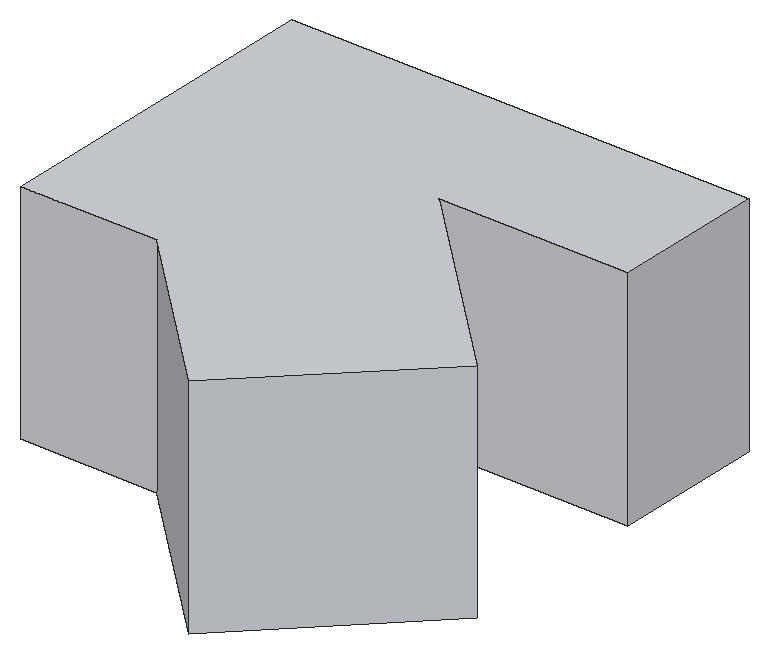
Revit family "M_Y retangular - Lateral - Transição", category Conexões de duto, Revit 2019
Family settings
  Cota do conector redondo = Utilizar diâmetro
  Tipo de parte = Tê  lateral
  Número OmniClass = 23.75.70.14
  Título OmniClass = Air Ductwork
  ID de item do Seek = Rectangular Wye - Lateral - Transition-0000-CAN-ENU
  Com base no plano de trabalho = Não
  Sempre na vertical = Sim
  Corte com vazios quando carregada = Não
  Compartilhado = Não
Parameters (values of type "Padrão")
  l8 [instance] = 0.794 mm  # constant formula
  l7 [instance] = if(or(Ângulo < 90.00°, Largura do duto 1 > Largura do duto 2), abs(l4 * cos(Ângulo)), (Largura do duto 3) * sin(Ângulo) / 4)  # 287.5 mm
  l6 [instance] = if(Ângulo = 90.00°, (Largura do duto 3) / (2 * sin(Ângulo)) + 25 mm, if(or(Ângulo < 90.00°, Largura do duto 1 > Largura do duto 2), (Largura do duto 3) / (2 * sin(Ângulo)), (Largura do duto 3) * sin(Ângulo) / 4))  # 212.132 mm
  l5 [instance] = abs((Largura do duto 3) * cos(Ângulo) / (2 * sin(Ângulo)))  # 150 mm
  l4 [instance] = l1 / sin(Ângulo)  # 406.586 mm
  l3 [instance] = abs(if(Ângulo = 90.00°, l0, if(and(Ângulo > 90.00°, Largura do duto 1 < Largura do duto 2), L1 - abs(l2 * cos(Ângulo) / sin(Ângulo)), l2 * cos(Ângulo) / sin(Ângulo))))  # 181.434 mm
  Largura do duto 2 [instance] = 200 mm
  l2 [instance] = l1 - h0  # 181.434 mm
  l1 [instance] = if(Largura do duto 1 > Largura do duto 2, Largura do duto 1 / 2 + CL_Deslocamento, Largura do duto 2 / 2 + CL_Deslocamento)  # 287.5 mm
  l0 [instance] = if(Ângulo = 90.00°, (Largura do duto 3) * sin(Ângulo) / 2 + 25 mm, if(or(Ângulo < 90.00°, Largura do duto 1 > Largura do duto 2), (Largura do duto 3) * sin(Ângulo) / 2, (Largura do duto 3) / (2 * sin(Ângulo)) + abs(l4 * cos(Ângulo))))  # 106.066 mm
  h0 [instance] = abs(Largura do duto 3 * cos(Ângulo) / 2)  # 106.066 mm
  Largura do duto 3 [instance] = 300 mm
  Largura do duto 1 [instance] = 450 mm
  L3 [instance] = if(Ângulo = 90.00°, l1 + 25 mm, l4 + l5)  # 556.586 mm
  L1 [instance] = if(or(Ângulo < 90.00°, Largura do duto 1 > Largura do duto 2), (Largura do duto 3) / (2 * sin(Ângulo)) + abs(l4 * cos(Ângulo)) + (Largura do duto 3) * sin(Ângulo) / 2, (Largura do duto 3) * sin(Ângulo) / 4 + (Largura do duto 3) * sin(Ângulo) / 4 + (Largura do duto 3) / (2 * sin(Ângulo)) + abs(l4 * cos(Ângulo)))  # 605.698 mm
  Altura do duto [instance] = 300 mm
  CL_Deslocamento 3 [instance] = if(Ângulo > 90.00°, Largura do duto 1 + 2 * CL_Deslocamento, Largura do duto 1)  # 450 mm
  CL_Deslocamento 2 [instance] = Largura do duto 1 + CL_Deslocamento  # 512.5 mm
  CL_Deslocamento 1 [instance] = if(Ângulo > 90.00°, Largura do duto 1 + 3 * CL_Deslocamento, Largura do duto 1 - CL_Deslocamento)  # 387.5 mm
  CL_Deslocamento [instance] = abs((Largura do duto 1 - Largura do duto 2) / 4)  # 62.5 mm
  Assembly Code = ""
  Ângulo [instance] = 45.00°
  12 [instance] = abs(l2 * cos(Ângulo) / sin(Ângulo))  # 181.434 mm
  11 [instance] = L1 - abs(l2 * cos(Ângulo) / sin(Ângulo))  # 424.264 mm
Reference planes
  plane 1 "Centro (frente/trás)": y = 0
  plane 2: z = 0
  plane 3 "Centro (direita/esquerda)": x = 0
  plane 4: x = -106.066
  plane 5: x = 287.5
  plane 6: x = 499.632
  plane 7: y = 62.5
  plane 8: y = -62.5
  plane 9: x = 75.368
  plane 10: x = 318.198
  plane 11: y = -450
  plane 12: x = -106.86
  plane 13: x = 500.426
Forms (mm)
  Sweep 1, solid, detail levels medium+fine
    path in 3D
      loop
        line (75.368, -62.5, 0) -> (-106.066, -62.5, 0)
    profile "M_Duto - Retangular : Duto - Retangular 1" origin (-15.349, -62.5, 0) x (0, -1, 0) y (0, 0, 1)
      loop
        line (-225, 150) -> (-225, -150) -> (225, -150) -> (225, 150) -> (-225, 150)
  Sweep 2, solid, detail levels medium+fine
    path in 3D
      loop
        line (0, 0, 0) -> (393.566, -393.566, 0)
    profile "M_Duto - Retangular : Duto - Retangular 3" origin (196.783, -196.783, 0) x (0.707107, 0.707107, 0) y (0, 0, 1)
      loop
        line (-150, 150) -> (-150, -150) -> (150, -150) -> (150, 150) -> (-150, 150)
  Sweep 3, solid, detail levels medium+fine
    path in 3D
      loop
        line (75.368, 62.5, 0) -> (499.632, 62.5, 0)
    profile "M_Duto - Retangular : Duto - Retangular 2" origin (287.5, 62.5, 0) x (0, 1, 0) y (0, 0, 1)
      loop
        line (-100, 150) -> (-100, -150) -> (100, -150) -> (100, 150) -> (-100, 150)
  Sweep 4, void, detail levels medium+fine
    path in 3D
      loop
        line (-106.066, -62.5, 0) -> (-106.86, -62.5, 0)
    profile "M_Duto - Retangular : Duto - Retangular 1" origin (-106.463, -62.5, 0) x (0, -1, 0) y (0, 0, 1)
      loop
        line (-225, 150) -> (-225, -150) -> (225, -150) -> (225, 150) -> (-225, 150)
  Sweep 5, void, detail levels medium+fine
    path in 3D
      loop
        line (500.426, 62.5, 0) -> (499.632, 62.5, 0)
    profile "M_Duto - Retangular : Duto - Retangular 2" origin (500.029, 62.5, 0) x (0, -1, 0) y (0, 0, 1)
      loop
        line (-100, 150) -> (-100, -150) -> (100, -150) -> (100, 150) -> (-100, 150)
Cuts and joins
  Sweep 4, Sweep 5 cuts Sweep 2
  joined: Sweep 1, Sweep 2, Sweep 3
Lines and regions (mm)
  reference lines
    curve 1: line (75.368, -62.5, 0) -> (-106.066, -62.5, 0)
    curve 2: line (0, 0, 0) -> (393.566, -393.566, 0)
    curve 5: line (75.368, 62.5, 0) -> (499.632, 62.5, 0)
    curve 9: line (-106.066, -62.5, 0) -> (-106.86, -62.5, 0)
    curve 10: line (500.426, 62.5, 0) -> (499.632, 62.5, 0)
  sketch lines
    curve 3: line (75.368, -62.5, 0) -> (-106.066, -62.5, 0)
    curve 4: line (0, 0, 0) -> (393.566, -393.566, 0)
    curve 6: line (75.368, 62.5, 0) -> (499.632, 62.5, 0)
    curve 11: line (-106.066, -62.5, 0) -> (-106.86, -62.5, 0)
    curve 12: line (500.426, 62.5, 0) -> (499.632, 62.5, 0)
  model lines, detail levels coarse
    curve 7: line (499.632, 62.5, 0) -> (-106.066, -62.5, 0)
    curve 8: line (33.664, -33.664, 0) -> (393.566, -393.566, 0)
Dimensions and locks
  "l0": plane 4 to plane 3 "Centro (direita/esquerda)"
  "l7": plane 3 "Centro (direita/esquerda)" to plane 5
  "l6": plane 5 to plane 6
  "l3": plane 4 to plane 9
  "L3": curve 2 to curve 2
  "l3": plane 10 to plane 6
  "CL_Deslocamento 3": plane 1 "Centro (frente/trás)" to plane 11
  "CL_Deslocamento 1": plane 8 to plane 11
  "CL_Deslocamento 2": plane 11 to plane 7
  "l8": plane 12 to plane 4
  "l8": plane 6 to plane 13
  "L3": curve 2 to curve 8
  "Ângulo": angle curve 2 to plane 1 "Centro (frente/trás)"
  aligned and locked: curve 1 to plane 8
  aligned and locked: plane 9 to curve 1
  aligned and locked: plane 9 to curve 5
  aligned and locked: plane 6 to curve 5
  aligned and locked: plane 7 to curve 5
  aligned and locked: plane 6 to curve 7
  aligned and locked: plane 7 to curve 7
  aligned and locked: plane 4 to curve 7
  aligned and locked: plane 8 to curve 7
  aligned and locked: curve 2 to curve 8
  aligned and locked: curve 9 to plane 8
  aligned and locked: plane 4 to curve 9
  aligned and locked: plane 12 to curve 9
  aligned and locked: curve 10 to plane 7
  aligned and locked: plane 13 to curve 10
Automatic sketch dimensions
  curve 2 to plane 1 "Centro (frente/trás)" = 0 mm
  curve 2 to plane 3 "Centro (direita/esquerda)" = 0 mm
Connectors
  hvac at (-106.066, -62.5, 0), driven by "Altura do duto", driven by "Largura do duto 1"
    settings: on cut or joined group of Sweep 1, Sweep 2, Sweep 3, Sweep 4, Sweep 5, index 1, duct flow 0.0 L/s, flow factor 0, pres drop 0.0 Pa, loss coef 0, conn angle 0.00°, conn width 450 mm, conn height 300 mm, conn diameter 609.6 mm, duct sys type 28, conn prof type 1, flow config 0, flow direction 0, loss method 0, conn ref index -1, conn util no, is conn primary yes, conn desc ""
  hvac at (499.632, 62.5, 0), driven by "Altura do duto", driven by "Largura do duto 2"
    settings: on Sweep 3, index 2, duct flow 0.0 L/s, flow factor 0, pres drop 0.0 Pa, loss coef 0, conn angle 0.00°, conn width 200 mm, conn height 300 mm, conn diameter 609.6 mm, duct sys type 28, conn prof type 1, flow config 0, flow direction 0, loss method 0, conn ref index -1, conn util no, is conn primary no, conn desc ""
  hvac at (393.566, -393.566, 0), driven by "Altura do duto", driven by "Largura do duto 3", driven by "Ângulo"
    settings: on cut or joined group of Sweep 1, Sweep 2, Sweep 3, Sweep 4, Sweep 5, index 3, duct flow 0.0 L/s, flow factor 0, pres drop 0.0 Pa, loss coef 0, conn angle 45.00°, conn width 300 mm, conn height 300 mm, conn diameter 609.6 mm, duct sys type 28, conn prof type 1, flow config 0, flow direction 0, loss method 0, conn ref index -1, conn util no, is conn primary no, conn desc ""
